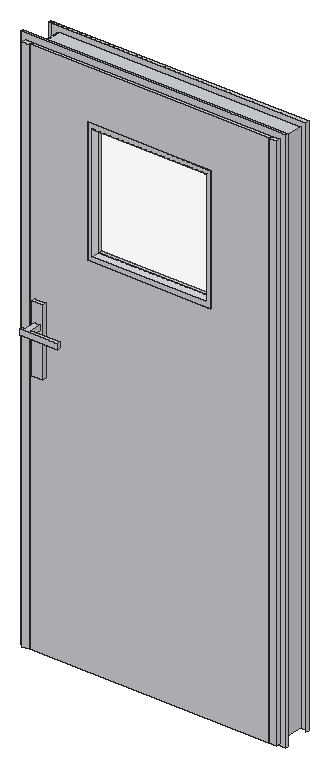
Revit family "Enduro_2", category Drzwi, Revit 2016
Family settings
  Obiekt nadrzędny = Ściana
  Zawsze pionowo = Tak
  Tnij formami wycięć po wczytaniu = Nie
  Współdzielony = Nie
  Punkt obliczania pomieszczeń = Nie
Parameters (values of type "PN 90")
  Wysokość = 2055 mm
  Zakończenie ściany = Wg obiektu nadrzędnego
  URL = "www.porta.com.pl"
  Szerokość = 985 mm
  Ss = 952 mm
  Sb = 964 mm
  Producent = "PORTA KMI POLAND"  # constant formula
  Description = ""
  Materiał_skrzydło [instance] = none
  Materiał_ramiak_stal [instance] = none
  Materiał_ościeżnica [instance] = none
  Materiał_klamka [instance] = none
  Konstrukcja analityczna = "<Brak>"
  Informacja = "Własność Porta KMI Poland, wszelkie prawa zastrzeżone."  # constant formula
  Hs = 2030 mm
  Funkcja = Wewnętrzna
Types (5, lengths in mm): name | Szerokość | Ss | Sb
  PN 60 | 675 | 644 | 656
  PN 70 | 775 | 744 | 756
  PN 80 | 875 | 844 | 856
  PN 90 | 985 | 952 | 964
  PN 100 | 1075 | 1044 | 1056
Reference planes
  plane 1: y = 0
  plane 2 "Środek (Lewa/Prawa)": x = 0
  plane 3 "Lewy": x = -492.5
  plane 4 "Prawy": x = 492.5
  plane 5: z = 2055
  plane 6 "Zewnętrzna": y = 75
  plane 7 "Wewnętrzna": y = -75
  plane 8 "skrzydło": y = -61.695
Forms (mm)
  Sweep 1, solid, material <- "Materiał_ościeżnica"
    path in 3D
      loop
        line (-492.5, -75, 0) -> (-492.5, -75, 2055) -> (492.5, -75, 2055) -> (492.5, -75, 0)
    profile origin (-492.5, -75, 1027.5) x (0, -1, 0) y (1, 0, 0)
      loop
        line (-14.005, 25.5) -> (-14.005, 40.5) -> (-115, 40.5) -> (-115, 10.5) -> (-105, 10.5) -> (-105, 11.7) -> (-113.8, 11.7) -> (-113.8, 39.3) -> (-30.705, 39.3) -> (-30.705, 24.3) -> (8.8, 24.3) -> (8.8, -3.3) -> (0, -3.3) -> (0, -4.5) -> (10, -4.5) -> (10, 25.5) -> (-14.005, 25.5)
Lines and regions (mm)
  Opening 1
    outline origin (-3050, -75, 0) x (1, 0, 0) y (0, 0, 1)
      loop
        line (2557.5, 0) -> (3542.5, 0) -> (3542.5, 2055) -> (2557.5, 2055) -> (2557.5, 0)
  symbolic lines, style "DoorsPanelProjection"
    curve 1: line (476, -75, 0) -> (476, -1027, 0)
    curve 2: line (476, -1027, 0) -> (436, -1027, 0)
    curve 3: line (436, -1027, 0) -> (436, -75, 0)
    curve 4: line (436, -75, 0) -> (476, -75, 0)
  symbolic lines, style "Plan Swing"
    curve 5: arc (-476, -75, 0) -> (-197.166, -748.166, 0) -> (476, -1027, 0) r 952
  sketch lines
    curve 6: line (-492.5, -75, 0) -> (-492.5, -75, 2055)
    curve 7: line (-492.5, -75, 2055) -> (492.5, -75, 2055)
    curve 8: line (492.5, -75, 2055) -> (492.5, -75, 0)
Text (mm)
  text "Zewnętrzna" at (-2295.016, 1099.543, 0), in view "Poziom odniesienia"
  text "Zewnętrzna" at (0, 1615.38, 3698.081), in view "Lewy"
  text "Zewnętrzna" at (0, 1036.032, 3874.932), in view "Prawy"
Dimensions and locks
  equal spacing: plane 3 "Lewy", plane 2 "Środek (Lewa/Prawa)", plane 4 "Prawy"
  "Szerokość": plane 3 "Lewy" to plane 4 "Prawy"
  "Wysokość": plane 5 to host wall
  host wall to plane 5 = 2055 mm  (x2)
  locked: plane 6 "Zewnętrzna" to host wall at 0
  locked: plane 7 "Wewnętrzna" to host wall
  "Ss": curve 2 to plane 7 "Wewnętrzna"
  locked: curve 3 to curve 1 at 40
  equal spacing: curve 5, plane 2 "Środek (Lewa/Prawa)", curve 1
  locked: plane 7 "Wewnętrzna" to plane 8 "skrzydło" at 13.305
  locked: Sweep 1 sketch curve to Sweep 1 sketch curve at 30
  locked: Sweep 1 sketch curve to Sweep 1 sketch curve at 15  (x2)
  "Sb": Sweep 1 to Sweep 1
  equal spacing: nested 1, plane 2 "Środek (Lewa/Prawa)", nested 1
  locked: nested 1 to level at 8
  aligned and locked: plane 3 "Lewy" to Opening 1 sketch curve
  aligned and locked: plane 5 to Opening 1 sketch curve  (x2)
  aligned and locked: Opening 1 sketch curve to plane 4 "Prawy"
  aligned and locked: Opening 1 sketch curve to level
  aligned and locked: plane 1 to host wall
  aligned and locked: Sweep 1 sketch curve to plane 7 "Wewnętrzna"
  aligned and locked: plane 8 "skrzydło" to nested 1
Automatic sketch dimensions
  curve 3 to host wall = 0 mm
  curve 5 to host wall = 0 mm
  profile plane to Sweep 1 sketch curve = 115 mm
  Sweep 1 sketch curve to profile plane = 4.5 mm
  Sweep 1 sketch curve to Sweep 1 sketch curve = 1.2 mm  (x6)
  Sweep 1 sketch curve to Sweep 1 sketch curve = 10 mm
  Sweep 1 sketch curve to Sweep 1 sketch curve = 16.7 mm
  profile plane to Sweep 1 sketch curve = 30.705 mm
  Sweep 1 sketch curve to Sweep 1 sketch curve = 8.8 mm
Nested families
  nested 1: "Enduro_wzór_2" at (0, -61.695, 0), Materiał_skrzydło_płyta <- "Materiał_skrzydło", Materiał_ramiak_stal <- "Materiał_ramiak_stal", Materiał_klamka <- "Materiał_klamka", type "Enduro_wzór_2"
    with Materiał_skrzydło_płyta none, Materiał_ramiak_stal none, Materiał_klamka none
Definition of nested family "Enduro_wzór_2"
  Parameters
    Ss = 952 mm
    Materiał_skrzydło_płyta [instance] = none
    Materiał_ramiak_stal [instance] = none
    Materiał_klamka [instance] = none
    Hs = 2030 mm
  Reference planes
    plane 1 "Tył": y = 0
    plane 2: z = 0
    plane 3 "Środek (Lewa/Prawa)": x = 0
    plane 4 "Lewa": x = -476
    plane 5 "Prawa": x = 476
    plane 6 "Przód": y = -40.5
    plane 7: z = 2038
    plane 8 "Centrum": y = -20.25
    plane 9: x = -449
    plane 10: z = 8
    plane 11: x = 449
    plane 12: x = -231
    plane 13: x = 231
    plane 14: z = 1854
    plane 15: z = 1390
  Forms (mm)
    Sweep 1, solid, material <- "Materiał_ramiak_stal"
      path origin (0, -20.25, 0) x (-1, 0, 0) y (0, 0, 1)
        loop
          line (449, 2025) -> (449, 8)
      profile "Profil_rama : Profil_rama" origin (-449, -20.25, 1016.5) x (-1, 0, 0) y (0, 1, 0)
        loop
          line (14, 20.9) -> (0, 20.9) -> (0, -5.6) -> (14, -5.6) -> (14, 20.9)
    Sweep 2, solid, material <- "Materiał_ramiak_stal"
      path origin (0, -20.25, 0) x (-1, 0, 0) y (0, 0, 1)
        loop
          line (449, 2038) -> (449, 8)
      profile "Profil_rama_przylga : Profil_rama_przylga" origin (-449, -20.25, 1023) x (-1, 0, 0) y (0, 1, 0)
        loop
          line (27, -5.6) -> (0, -5.6) -> (0, -20.9) -> (27, -20.9) -> (27, -5.6)
    Sweep 3, solid, material <- "Materiał_ramiak_stal"
      path origin (0, -20.25, 0) x (1, 0, 0) y (0, 0, 1)
        loop
          line (449, 2025) -> (449, 8)
      profile "Profil_rama : Profil_rama" origin (449, -20.25, 1016.5) x (-1, 0, 0) y (0, 1, 0)
        loop
          line (-14, 20.9) -> (-14, -5.6) -> (0, -5.6) -> (0, 20.9) -> (-14, 20.9)
    Sweep 4, solid, material <- "Materiał_ramiak_stal"
      path origin (0, -20.25, 0) x (1, 0, 0) y (0, 0, 1)
        loop
          line (449, 2038) -> (449, 8)
      profile "Profil_rama_przylga : Profil_rama_przylga" origin (449, -20.25, 1023) x (-1, 0, 0) y (0, 1, 0)
        loop
          line (-27, -5.6) -> (-27, -20.9) -> (0, -20.9) -> (0, -5.6) -> (-27, -5.6)
    Extrusion 5, solid, material <- "Materiał_skrzydło_płyta"
      sketch origin (0, 0, 0) x (1, 0, 0) y (0, 0, 1)
        loop
          line (-449, 2025) -> (-449, 8) -> (449, 8) -> (449, 2025) -> (-449, 2025)
        loop
          line (-231, 1854) -> (-231, 1390) -> (231, 1390) -> (231, 1854) -> (-231, 1854)
      from 0 to 25.85
    Extrusion 6, solid, material <- "Materiał_skrzydło_płyta"
      sketch origin (0, -40.5, 0) x (-1, 0, 0) y (0, 0, 1)
        loop
          line (449, 2038) -> (-449, 2038) -> (-449, 8) -> (449, 8) -> (449, 2038)
        loop
          line (231, 1390) -> (231, 1854) -> (-231, 1854) -> (-231, 1390) -> (231, 1390)
      from 0 to 14.65
    Sweep 7, solid, material <- "Materiał_ramiak_stal"
      path origin (0, -20.25, 0) x (-1, 0, 0) y (0, 0, 1)
        loop
          line (231, 1854) -> (-231, 1854) -> (-231, 1390) -> (231, 1390) -> (231, 1854)
      profile "Profil_ramka_wewnętrzna : Profil_ramka_wewnętrzna" origin (-231, -20.25, 1622) x (-1, 0, 0) y (0, 1, 0)
        loop
          line (0, -21.053) -> (0, 21.053) -> (-15.997, 21.053) -> (-30.001, 4.943) -> (-30.001, -4.943) -> (-15.997, -21.053) -> (0, -21.053)
    Extrusion 8, solid
      sketch origin (0, -20.25, 0) x (-1, 0, 0) y (0, 0, 1)
        loop
          line (200.999, 1823.999) -> (-200.998, 1823.999) -> (-200.998, 1420.001) -> (200.999, 1420.001) -> (200.999, 1823.999)
      from 4.3 to -4.3
  Lines and regions (mm)
    symbolic lines
      curve 1: line (-476, -40.5, 8) -> (-476, -40.5, 2038)
      curve 2: line (-476, -40.5, 2038) -> (476, -40.5, 2038)
      curve 3: line (476, -40.5, 2038) -> (476, -40.5, 8)
      curve 4: line (476, -40.5, 8) -> (-476, -40.5, 8)
      curve 5: line (-449, -40.5, 8) -> (-449, -40.5, 2038)
      curve 6: line (449, -40.5, 2038) -> (449, -40.5, 8)
      curve 7: line (-231, -40.5, 1854) -> (231, -40.5, 1854)
      curve 8: line (-231, -40.5, 1390) -> (-231, -40.5, 1854)
      curve 9: line (231, -40.5, 1390) -> (-231, -40.5, 1390)
      curve 10: line (231, -40.5, 1854) -> (231, -40.5, 1390)
      curve 11: line (-200.999, -40.5, 1420.001) -> (-200.999, -40.5, 1823.999)
      curve 12: line (-200.999, -40.5, 1823.999) -> (200.998, -40.5, 1823.999)
      curve 13: line (200.998, -40.5, 1823.999) -> (200.998, -40.5, 1420.001)
      curve 14: line (200.998, -40.5, 1420.001) -> (-200.999, -40.5, 1420.001)
  Dimensions and locks
    equal spacing: plane 4 "Lewa", plane 3 "Środek (Lewa/Prawa)", plane 5 "Prawa"
    "Ss": plane 4 "Lewa" to plane 5 "Prawa"
    equal spacing: plane 1 "Tył", plane 8 "Centrum", plane 6 "Przód"
    locked: plane 4 "Lewa" to plane 9 at 27
    locked: plane 10 to level at 8
    "Hs": plane 7 to plane 10
    locked: plane 5 "Prawa" to plane 11 at 27
    locked: plane 9 to nested 1 at 20.956
    locked: nested 1 to plane 10 at 933.008
    locked: nested 3 to Extrusion 5 at 20.956
    locked: plane 10 to nested 3 at 933.008
    locked: plane 14 to plane 15 at 464
    plane 13 to plane 3 "Środek (Lewa/Prawa)" to plane 12 = 231 mm locked, 231 mm locked
    aligned and locked: Sweep 1 sketch curve to plane 9
    aligned and locked: plane 10 to Sweep 1 sketch curve
    aligned and locked: plane 9 to Sweep 2 sketch curve
    aligned and locked: plane 7 to Sweep 2 sketch curve
    aligned and locked: plane 10 to Sweep 2 sketch curve
    aligned and locked: plane 11 to Sweep 3 sketch curve
    aligned and locked: Sweep 4 sketch curve to plane 11
    aligned and locked: plane 9 to Extrusion 5 sketch curve
    aligned and locked: Extrusion 5 sketch curve to plane 11
    aligned and locked: plane 10 to Extrusion 5 sketch curve
    aligned and locked: Extrusion 5 to Sweep 2
    aligned and locked: Extrusion 6 sketch curve to plane 9
    aligned and locked: plane 11 to Extrusion 6 sketch curve
    aligned and locked: Extrusion 6 sketch curve to plane 10
    aligned and locked: Extrusion 6 sketch curve to plane 7
    aligned and locked: Extrusion 6 to Extrusion 5
    aligned and locked: Extrusion 8 sketch curve to Sweep 7  (x4)
    aligned and locked: nested 1 to plane 6 "Przód"
    aligned and locked: curve 1 to Sweep 2
    aligned and locked: curve 2 to Extrusion 6
    aligned and locked: curve 3 to Sweep 4
    aligned and locked: curve 4 to Extrusion 6
    aligned and locked: curve 5 to Extrusion 6
    aligned and locked: curve 6 to Extrusion 6
    aligned and locked: plane 3 "Środek (Lewa/Prawa)" to nested 2
    aligned and locked: plane 14 to Sweep 7 sketch curve
    aligned and locked: Sweep 7 sketch curve to plane 15
    aligned and locked: plane 13 to Sweep 7 sketch curve
    aligned and locked: Sweep 7 sketch curve to plane 12
    aligned and locked: plane 12 to curve 8
    aligned and locked: plane 15 to curve 9
    aligned and locked: curve 7 to plane 14
    aligned and locked: curve 10 to plane 13
    aligned and locked: curve 11 to Extrusion 8
    aligned and locked: curve 12 to Extrusion 8
    aligned and locked: curve 13 to Extrusion 8
    aligned and locked: curve 14 to Extrusion 8
    aligned and locked: plane 12 to Extrusion 6 sketch curve
    aligned and locked: Extrusion 6 sketch curve to plane 13
    aligned and locked: Extrusion 6 sketch curve to plane 14
    aligned and locked: plane 15 to Extrusion 6 sketch curve
    aligned and locked: Extrusion 5 sketch curve to plane 14
    aligned and locked: Extrusion 5 sketch curve to plane 13
    aligned and locked: Extrusion 5 sketch curve to plane 12
    aligned and locked: Extrusion 5 sketch curve to plane 15
  Automatic sketch dimensions
    Sweep 1 sketch curve to plane 7 = 13 mm
    Sweep 3 sketch curve to plane 10 = 0 mm
    plane 7 to Sweep 3 sketch curve = 13 mm
    Sweep 4 sketch curve to plane 10 = 0 mm
    Sweep 4 sketch curve to plane 7 = 0 mm
    Extrusion 5 sketch curve to plane 7 = 13 mm
    curve 6 to plane 7 = 0 mm
    curve 6 to plane 11 = 0 mm
    curve 5 to plane 9 = 0 mm
    curve 1 to plane 10 = 0 mm
    curve 12 to plane 13 = 30.001 mm
    plane 12 to curve 11 = 30.001 mm
    plane 15 to curve 11 = 30.001 mm
    curve 12 to plane 14 = 30.001 mm
  Nested families
    nested 1: "KLAMKA" at (-408.044, -40.5, 1066.008), Materiał klamki <- "Materiał_klamka", type "KLAMKA"
      with Materiał klamki none
    nested 2: "logo_porta" at (0, 0, 110) x (1, 0, 0) z (0, -1, 0), type "logo_porta"
    nested 3: "KLAMKA" at (-408.044, 0, 1066.008), Materiał klamki <- "Materiał_klamka", type "KLAMKA"
      with Materiał klamki none
  Definition of nested family "KLAMKA"
    Parameters
      Materiał klamki [instance] = none
      Assembly Code = ""
      Default Elevation = 1219.2 mm
    Reference planes
      plane 1 "Center (Front/Back)": y = 0
      plane 2: z = 0
      plane 3 "Center (Left/Right)": x = 0
      plane 4: z = 125
      plane 5: z = -125
      plane 6: x = 20
      plane 7: x = -20
      plane 8: y = -70
      plane 9: y = -60
      plane 10: x = 10
      plane 11: x = -10
      plane 12: x = 120
      plane 13: z = 35
      plane 14: z = 55
      plane 15: y = -15
    Forms (mm)
      Extrusion 1, solid, material <- "Materiał klamki"
        sketch origin (0, 0, 0) x (1, 0, 0) y (0, 0, 1)
          loop
            line (-20, 125) -> (-20, -125) -> (20, -125) -> (20, 125) -> (-20, 125)
        from 0 to 15
      Extrusion 2, solid, material <- "Materiał klamki"
        sketch origin (0, 0, 0) x (1, 0, 0) y (0, 1, 0)
          loop
            line (-10, -15) -> (-10, -60) -> (-20, -60) -> (-20, -70) -> (120, -70) -> (120, -60) -> (10, -60) -> (10, -15) -> (-10, -15)
        from 35 to 55
    Dimensions and locks
      equal spacing: plane 4, plane 2, plane 5
      plane 4 to plane 5 = 250 mm
      equal spacing: plane 7, plane 3 "Center (Left/Right)", plane 6
      plane 7 to plane 6 = 40 mm
      plane 8 to plane 1 "Center (Front/Back)" = 70 mm
      plane 11 to plane 3 "Center (Left/Right)" to plane 10 = 10 mm locked, 10 mm locked
      plane 7 to plane 12 = 140 mm
      plane 15 to plane 1 "Center (Front/Back)" = 15 mm
      aligned and locked: plane 7 to Extrusion 1 sketch curve
      aligned and locked: Extrusion 1 sketch curve to plane 4
      aligned and locked: plane 5 to Extrusion 1 sketch curve
      aligned and locked: Extrusion 1 sketch curve to plane 6
      aligned and locked: plane 15 to Extrusion 1
      aligned and locked: Extrusion 1 to plane 1 "Center (Front/Back)"
      aligned and locked: plane 14 to Extrusion 2
      aligned and locked: Extrusion 2 to plane 13
    Automatic sketch dimensions
      Extrusion 2 sketch curve to plane 7 = 0 mm
      Extrusion 2 sketch curve to plane 9 = 0 mm  (x2)
      Extrusion 2 sketch curve to plane 11 = 0 mm
      Extrusion 2 sketch curve to plane 10 = 0 mm
      Extrusion 2 sketch curve to plane 12 = 0 mm
      Extrusion 2 sketch curve to plane 8 = 0 mm
      Extrusion 2 sketch curve to plane 15 = 0 mm
  Definition of nested family "logo_porta"
    Reference planes
      plane 1 "Środek (Przód/Tył)": y = 0
      plane 2: z = 0
      plane 3 "Środek (Lewa/Prawa)": x = 0
